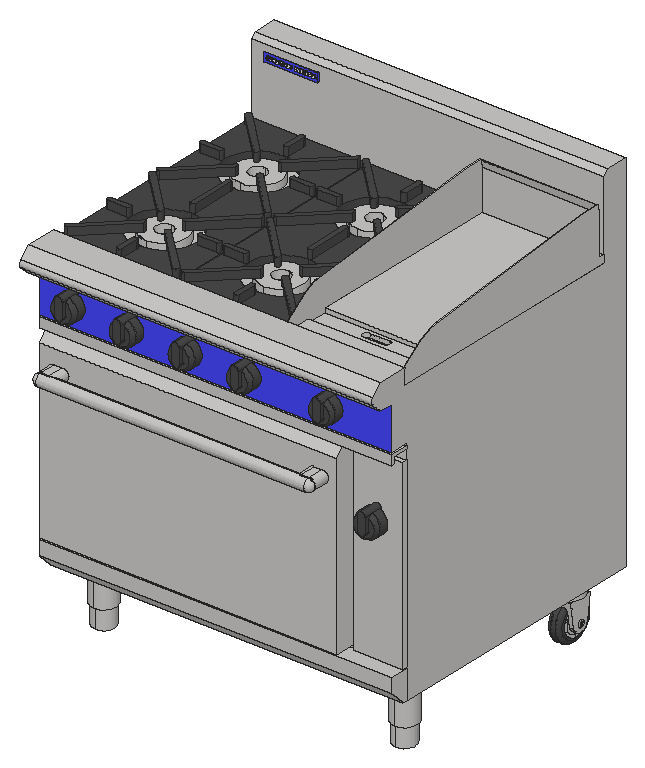
Revit family "QF_MOFFAT_BLUESEAL_CE_G56C", category Specialty Equipment, Revit 2012
Parameters
  Width = 900 mm  # constant formula
  Weight in Pounds = 467
  Watts = 130 W
  Volts = 230 V
  URL Cutsheet = "www.moffat.com"
  URL = "www.moffat.com"
  Type Mark [instance] = ""
  Status [instance] = ""
  Specification by User [instance] = ""
  Specification by Manufacturer = ""
  Show Logo [instance] = yes
  Show Clearance [instance] = yes
  Show Casters [instance] = yes
  Serial Number = ""
  Seismic Rating = ""
  SMACNA No = ""
  Revision Code [instance] = ""
  Phase = 1
  Omniclass Number and Title = ""
  Number of Poles [instance] = 1
  NAFEM Spec ID Number = ""
  Model = "G56C"
  Min Ckt Ampacity = 0 A
  Mechanical Remarks = ""
  Mechanical Connection Type [instance] = ""
  Max Overcurrent Protection = 0 A
  Masterspec = ""
  Manufacturer = "MOFFAT BLUESEAL"
  Legs [instance] = not(Show Casters)  # no
  Item Number [instance] = ""
  Installed By [instance] = ""
  Identify Quantity as Lot [instance] = yes
  Height = 970 mm  # constant formula
  HP = ""
  Gas Size = 3/4"
  Gas RI Height [instance] = 0 mm
  Gas KW [instance] = 43
  Gas Input [instance] = 146500.0 Btu/h
  Gas Connection Height = 0 mm
  Furnished By [instance] = ""
  Foodservice Equipment Identifier [instance] = yes
  FL Amps = 0.6 A
  Electrical Remarks = ""
  Electric Connection Type = ""
  Elec Conn RI Height = 0 mm
  Elec Conn Connection Height = 0 mm
  Description = "900MM GAS RANGE WITH CONVECTION OVEN"
  Depth = 812 mm  # constant formula
  Cycle = 60 Hz
  Conn Plug = ""
  Conn Conduit = yes
  CSI MasterFormat = ""
  CSI Master Format = ""
  Body Finish = QF_Finishes_Stainless Steel
  Apparent Power = 0 VA
Reference planes
  plane 1 "BACK": y = 0
  plane 2: z = 0
  plane 3 "LEFT": x = 0
  plane 4 "RIGHT": x = 900
  plane 5 "FRONT": y = -812
  plane 6 "TOP": z = 970
  plane 7 "Center Y": x = 450
  plane 8 "Center X": y = -406
  plane 9: x = 280
  plane 10: y = -574.272
  plane 11: x = 60
  plane 12: y = -304.972
  plane 13: y = -364.972
  plane 14: x = 74
  plane 15: y = -812
  plane 16: x = 834.5
  plane 17: y = -32
  plane 18: z = 655
  plane 19: y = -100
  plane 20: z = 1085
  plane 21: y = -705
  plane 22: x = 65.8
  plane 23: x = 534.2
Forms (mm)
  Extrusion 1, solid, material "QF_Finishes_Stainless Steel" <- "Body Finish"
    sketch origin (0, 0, 0) x (0, 1, 0) y (0, 0, 1)
      loop
        line (0, 150) -> (0, 1085) -> (-57.5, 1085) -> (-70, 1072.5) -> (-70, 875) -> (-705, 875) -> (-705, 915) -> (-783.97, 915) -> (-808.476, 890.494)
        arc (-808.476, 890.494) -> (-811.994, 882) -> (-808.476, 873.506) r 12.013
        line (-808.476, 873.506) -> (-784.97, 850) -> (-749, 850) -> (-749, 740) -> (-699, 740) -> (-699, 150) -> (0, 150)
    from 0 to 900
  Extrusion 2, solid, material "QF_Finishes_Stainless Steel"
    sketch origin (0, 7, 0) x (0, 1, 0) y (0, 0, 1)
      loop
        line (-706, 700) -> (-732, 700) -> (-756, 676) -> (-756, 227.5) -> (-706, 227.5) -> (-706, 700)
    from 0 to 760
  Extrusion 3, solid, material "QF_Finishes_Stainless Steel"
    sketch origin (723.5, 7, 0) x (0, 1, 0) y (0, 0, 1)
      loop
        line (-706, 700) -> (-721, 700) -> (-721, 227.5) -> (-706, 227.5) -> (-706, 700)
    from 51.5 to 176.5
  Revolve 4, solid, material "QF_Finishes_Stainless Steel" <- "Body Finish"
    sketch origin (834.5, -696.126, 0) x (0, 1, 0) y (0, 0, -1)
      loop
        line (39.376, -150) -> (71.126, -150) -> (71.126, 0) -> (43.626, 0) -> (43.626, -50) -> (39.376, -50) -> (39.376, -150)
      axis (71.126, -150) -> (71.126, 0)
    angle from 0 to 360
  Revolve 5, solid, material "QF_Finishes_Stainless Steel" <- "Body Finish"
    sketch origin (65.5, -696.126, 0) x (0, 1, 0) y (0, 0, 1)
      loop
        line (39.376, 150) -> (39.376, 50) -> (43.626, 50) -> (43.626, 0) -> (71.126, 0) -> (71.126, 150) -> (39.376, 150)
      axis (71.126, 150) -> (71.126, 0)
    angle from 0 to 360
  Extrusion 6, solid, material "QF_Finishes_Stainless Steel"
    sketch origin (-64.5, 0, 325) x (1, 0, 0) y (0, 1, 0)
      loop
        circle (834.5, -32) r 10
    from 330 to 371
  Revolve 7, solid, material "QF_Finishes_Black"
    sketch origin (750, 45.874, -0.118) x (0, 1, 0) y (0, 0, 1)
      loop
        line (-827.874, 829.5) -> (-838.874, 823.651) -> (-838.874, 797) -> (-794.874, 797) -> (-794.874, 802) -> (-804.874, 802) -> (-804.874, 829.5) -> (-827.874, 829.5)
      axis (-838.874, 797) -> (-794.874, 797)
    angle from 0 to 360
  Revolve 8, solid, material "QF_Finishes_Black"
    sketch origin (90.649, 45.874, -0.118) x (0, 1, 0) y (0, 0, -1)
      loop
        line (-827.874, -829.5) -> (-804.874, -829.5) -> (-804.874, -802) -> (-794.874, -802) -> (-794.874, -797) -> (-838.874, -797) -> (-838.874, -823.651) -> (-827.874, -829.5)
      axis (-838.874, -797) -> (-794.874, -797)
    angle from 0 to 360
  Revolve 9, solid, material "QF_Finishes_Black"
    sketch origin (240.649, 45.874, -0.118) x (0, 1, 0) y (0, 0, -1)
      loop
        line (-827.874, -829.5) -> (-804.874, -829.5) -> (-804.874, -802) -> (-794.874, -802) -> (-794.874, -797) -> (-838.874, -797) -> (-838.874, -823.651) -> (-827.874, -829.5)
      axis (-838.874, -797) -> (-794.874, -797)
    angle from 0 to 360
  Revolve 10, solid, material "QF_Finishes_Black"
    sketch origin (390.625, 45.874, -0.118) x (0, 1, 0) y (0, 0, -1)
      loop
        line (-827.874, -829.5) -> (-804.874, -829.5) -> (-804.874, -802) -> (-794.874, -802) -> (-794.874, -797) -> (-838.874, -797) -> (-838.874, -823.651) -> (-827.874, -829.5)
      axis (-838.874, -797) -> (-794.874, -797)
    angle from 0 to 360
  Extrusion 11, solid, material "QF_Finishes_Black"
    sketch origin (238.456, 7, -0.118) x (-1, 0, 0) y (0, 0, -1)
      loop
        arc (158.3, -789) -> (148.3, -779) -> (138.3, -789) r 10
        line (138.3, -789) -> (138.3, -824)
        arc (138.3, -824) -> (148.3, -834) -> (158.3, -824) r 10
        line (158.3, -824) -> (158.3, -789)
    from 759 to 808
  Extrusion 12, solid, material "QF_Finishes_Black"
    sketch origin (388.456, 7, -0.118) x (-1, 0, 0) y (0, 0, -1)
      loop
        arc (158.3, -789) -> (148.3, -779) -> (138.3, -789) r 10
        line (138.3, -789) -> (138.3, -824)
        arc (138.3, -824) -> (148.3, -834) -> (158.3, -824) r 10
        line (158.3, -824) -> (158.3, -789)
    from 759 to 808
  Extrusion 13, solid, material "QF_Finishes_Black"
    sketch origin (602.193, 7, -0.118) x (1, 0, 0) y (0, 0, 1)
      loop
        line (158.3, 789) -> (158.3, 824)
        arc (158.3, 824) -> (148.3, 834) -> (138.3, 824) r 10
        line (138.3, 824) -> (138.3, 789)
        arc (138.3, 789) -> (148.3, 779) -> (158.3, 789) r 10
    from 759 to 808
  Extrusion 14, solid, material "QF_Finishes_Black"
    sketch origin (538.432, 7, -0.118) x (-1, 0, 0) y (0, 0, -1)
      loop
        arc (158.3, -789) -> (148.3, -779) -> (138.3, -789) r 10
        line (138.3, -789) -> (138.3, -824)
        arc (138.3, -824) -> (148.3, -834) -> (158.3, -824) r 10
        line (158.3, -824) -> (158.3, -789)
    from 759 to 808
  Extrusion 15, solid, material "QF_Finishes_Black"
    sketch origin (688.432, 7, -0.118) x (-1, 0, 0) y (0, 0, -1)
      loop
        arc (158.3, -789) -> (148.3, -779) -> (138.3, -789) r 10
        line (138.3, -789) -> (138.3, -824)
        arc (138.3, -824) -> (148.3, -834) -> (158.3, -824) r 10
        line (158.3, -824) -> (158.3, -789)
    from 759 to 808
  Revolve 16, solid, material "QF_Finishes_Black"
    sketch origin (836.851, 80.874, -245.743) x (0, 1, 0) y (0, 0, 1)
      loop
        line (-827.874, 829.5) -> (-838.874, 823.651) -> (-838.874, 797) -> (-794.874, 797) -> (-794.874, 802) -> (-804.874, 802) -> (-804.874, 829.5) -> (-827.874, 829.5)
      axis (-838.874, 797) -> (-794.874, 797)
    angle from 0 to 360
  Extrusion 17, solid, material "QF_Finishes_Black"
    sketch origin (689.044, 42, -245.743) x (1, 0, 0) y (0, 0, 1)
      loop
        line (158.3, 789) -> (158.3, 824)
        arc (158.3, 824) -> (148.3, 834) -> (138.3, 824) r 10
        line (138.3, 824) -> (138.3, 789)
        arc (138.3, 789) -> (148.3, 779) -> (158.3, 789) r 10
    from 759 to 808
  Extrusion 18, solid, material "QF_Door-Drawer Clearances", visible <- "Show Clearance", detail levels coarse
    sketch origin (0, 7, 0) x (0, -1, 0) y (0, 0, 1)
      loop
        line (756, 697.347) -> (756, 227.5) -> (1225.847, 227.5)
        arc (1225.847, 227.5) -> (1088.232, 559.732) -> (756, 697.347) r 469.847
    from 0 to -760
  Extrusion 19, void
    sketch origin (0, 0, 220) x (1, 0, 0) y (0, 1, 0)
      loop
        line (824, -87) -> (824, 0) -> (694, 0) -> (694, -39) -> (744, -87) -> (824, -87)
    from 0 to 476
  Revolve 20, solid, material "QF_Finishes_Black"
    sketch origin (540.625, 45.874, -0.118) x (0, 1, 0) y (0, 0, -1)
      loop
        line (-827.874, -829.5) -> (-804.874, -829.5) -> (-804.874, -802) -> (-794.874, -802) -> (-794.874, -797) -> (-838.874, -797) -> (-838.874, -823.651) -> (-827.874, -829.5)
      axis (-838.874, -797) -> (-794.874, -797)
    angle from 0 to 360
  Extrusion 21, solid, material "QF_Finishes_Stainless Steel"
    sketch origin (0, -749, 227.5) x (0, 0, 1) y (-1, 0, 0)
      loop
        line (380.625, -38.246) -> (380.625, -58.528)
        arc (380.625, -58.528) -> (395.625, -73.528) -> (410.625, -58.528) r 15
        line (410.625, -58.528) -> (410.625, -38.246)
        arc (410.625, -38.246) -> (395.625, -23.246) -> (380.625, -38.246) r 15
      loop
        arc (380.625, -723.039) -> (395.625, -738.039) -> (410.625, -723.039) r 15
        line (410.625, -723.039) -> (410.625, -702.757)
        arc (410.625, -702.757) -> (395.625, -687.757) -> (380.625, -702.757) r 15
        line (380.625, -702.757) -> (380.625, -723.039)
    from 0 to 44
  Revolve 22, solid, material "QF_Finishes_Stainless Steel"
    sketch origin (0, -793, 0) x (1, 0, 0) y (0, 0, 1)
      loop
        arc (738.039, 623.125) -> (733.646, 633.732) -> (723.039, 638.125) r 15
        line (723.039, 638.125) -> (38.246, 638.125)
        arc (38.246, 638.125) -> (27.64, 633.732) -> (23.246, 623.125) r 15
        line (23.246, 623.125) -> (738.039, 623.125)
      axis (738.039, 623.125) -> (23.246, 623.125)
    angle from 0 to 360
  Extrusion 23, solid, material "QF_Finishes_Stainless Steel" <- "Body Finish"
    sketch origin (0, 7, 0) x (0, 1, 0) y (0, 0, 1)
      loop
        line (-756, 710) -> (-747.224, 710) -> (-749.613, 726.999) -> (-707.93, 726.999) -> (-707.93, 734.003) -> (-756, 734.003) -> (-756, 710)
    from 0 to 900
  Extrusion 24, solid, material "QF_Finishes_Stainless Steel" <- "Body Finish"
    sketch origin (0, 4.73, 0) x (0, 1, 0) y (0, 0, 1)
      loop
        line (-753.73, 222.5) -> (-753.73, 186) -> (-717.73, 150) -> (-703.73, 150) -> (-703.73, 222.5) -> (-753.73, 222.5)
    from 0 to 900
  Extrusion 25, solid, material "QF_Finishes_Stainless Steel", visible <- "Show Casters"
    sketch origin (71.501, 133.353, -8.783) x (0, 1, 0) y (0, 0, 1)
      loop
        line (-201.603, 118.783) -> (-265.103, 118.783) -> (-252.746, 53.895)
        arc (-252.746, 53.895) -> (-233.353, 38.783) -> (-213.959, 53.895) r 20
        line (-213.959, 53.895) -> (-201.603, 118.783)
    from -35.667 to 22.923
  Revolve 26, solid, material "QF_Finishes_Stainless Steel", visible <- "Show Casters"
    sketch origin (65, -203, 0) x (0, 1, 0) y (0, 0, 1)
      loop
        line (67.25, 150) -> (67.25, 110) -> (103, 110) -> (103, 150) -> (67.25, 150)
      axis (103, 150) -> (103, 110)
    angle from 0 to 360
  Revolve 27, solid, material "QF_Finishes_Stainless Steel", visible <- "Show Casters"
    sketch origin (834.5, -203, 0) x (0, 1, 0) y (0, 0, -1)
      loop
        line (67.25, -150) -> (103, -150) -> (103, -110) -> (67.25, -110) -> (67.25, -150)
      axis (103, -150) -> (103, -110)
    angle from 0 to 360
  Revolve 28, solid, material "QF_Finishes_Stainless Steel", visible <- "Show Casters"
    sketch origin (785.276, -99.755, -13.653) x (1, 0, 0) y (0, 0, 1)
      loop
        line (14.841, 64.453) -> (83.584, 64.453) -> (83.584, 67.958) -> (82.314, 69.228) -> (80.79, 69.228) -> (80.79, 72.674) -> (68.644, 72.674) -> (68.644, 82.639) -> (65.088, 84.692) -> (63.738, 93.028) -> (65.881, 93.028) -> (65.881, 99.378) -> (65.088, 99.378) -> (65.088, 105.728)
        arc (65.088, 105.728) -> (62.298, 112.463) -> (55.563, 115.253) r 9.525
        line (55.563, 115.253) -> (42.863, 115.253)
        arc (42.863, 115.253) -> (36.127, 112.463) -> (33.338, 105.728) r 9.525
        line (33.338, 105.728) -> (33.338, 99.378) -> (32.544, 99.378) -> (32.544, 93.028) -> (34.687, 93.028) -> (33.352, 84.781) -> (29.782, 82.719) -> (29.782, 72.674) -> (17.635, 72.674) -> (17.635, 69.228) -> (16.111, 69.228) -> (14.841, 67.958) -> (14.841, 64.453)
      axis (14.841, 64.453) -> (83.584, 64.453)
    angle from 0 to 360
  Extrusion 29, solid, material "QF_Finishes_Stainless Steel", visible <- "Show Casters"
    sketch origin (841.001, 133.353, -8.783) x (0, 1, 0) y (0, 0, 1)
      loop
        line (-201.603, 118.783) -> (-265.103, 118.783) -> (-252.746, 53.895)
        arc (-252.746, 53.895) -> (-233.353, 38.783) -> (-213.959, 53.895) r 20
        line (-213.959, 53.895) -> (-201.603, 118.783)
    from -35.667 to 22.923
  Revolve 30, solid, material "QF_Finishes_Stainless Steel", visible <- "Legs"
    sketch origin (65, -165, 0) x (0, 1, 0) y (0, 0, 1)
      loop
        line (33.25, 150) -> (33.25, 50) -> (37.5, 50) -> (37.5, 0) -> (65, 0) -> (65, 150) -> (33.25, 150)
      axis (65, 150) -> (65, 0)
    angle from 0 to 360
  Revolve 31, solid, material "QF_Finishes_Stainless Steel", visible <- "Legs"
    sketch origin (834.5, -165, 0) x (0, 1, 0) y (0, 0, -1)
      loop
        line (33.25, -150) -> (65, -150) -> (65, 0) -> (37.5, 0) -> (37.5, -50) -> (33.25, -50) -> (33.25, -150)
      axis (65, -150) -> (65, 0)
    angle from 0 to 360
  Revolve 32, solid, material "QF_Finishes_Stainless Steel", visible <- "Show Casters"
    sketch origin (114.224, -99.755, -13.653) x (-1, 0, 0) y (0, 0, -1)
      loop
        line (14.841, -64.453) -> (14.841, -67.958) -> (16.111, -69.228) -> (17.635, -69.228) -> (17.635, -72.674) -> (29.782, -72.674) -> (29.782, -82.719) -> (33.352, -84.781) -> (34.687, -93.028) -> (32.544, -93.028) -> (32.544, -99.378) -> (33.338, -99.378) -> (33.338, -105.728)
        arc (33.338, -105.728) -> (36.127, -112.463) -> (42.863, -115.253) r 9.525
        line (42.863, -115.253) -> (55.563, -115.253)
        arc (55.563, -115.253) -> (62.298, -112.463) -> (65.088, -105.728) r 9.525
        line (65.088, -105.728) -> (65.088, -99.378) -> (65.881, -99.378) -> (65.881, -93.028) -> (63.738, -93.028) -> (65.088, -84.692) -> (68.644, -82.639) -> (68.644, -72.674) -> (80.79, -72.674) -> (80.79, -69.228) -> (82.314, -69.228) -> (83.584, -67.958) -> (83.584, -64.453) -> (14.841, -64.453)
      axis (14.841, -64.453) -> (83.584, -64.453)
    angle from 0 to 360
  Extrusion 33, solid, material "QF_Finishes_Black"
    sketch origin (0, -70, 875) x (0, -1, 0) y (1, 0, 0)
      loop
        arc (1, 4) -> (1.879, 1.879) -> (4, 1) r 3
        line (4, 1) -> (632, 1)
        arc (632, 1) -> (634.121, 1.879) -> (635, 4) r 3
        line (635, 4) -> (635, 297)
        arc (635, 297) -> (634.121, 299.121) -> (632, 300) r 3
        line (632, 300) -> (4, 300)
        arc (4, 300) -> (1.879, 299.121) -> (1, 297) r 3
        line (1, 297) -> (1, 4)
      loop
        circle (167.5, 150) r 85
      loop
        circle (467.768, 150) r 85
    from 0 to 19.5
  Extrusion 34, solid, material "QF_Finishes_Black"
    sketch origin (0, -73.5, 894.5) x (0, -1, 0) y (1, 0, 0)
      loop
        spline (323.602, 15.153) -> (322.681, 13.924) -> (322.131, 12.47) -> (321.99, 10.89) -> (322.267, 9.292) -> (322.943, 7.786) -> (323.973, 6.473) -> (325.286, 5.443) -> (326.792, 4.767) -> (328.39, 4.49) -> (329.97, 4.631) -> (331.424, 5.181) -> (332.653, 6.102)
        line (332.653, 6.102) -> (440.576, 114.025)
        spline (440.576, 114.025) -> (441.337, 115.095) -> (441.738, 116.399) -> (441.751, 117.851) -> (441.375, 119.35) -> (440.637, 120.795) -> (439.586, 122.086) -> (438.295, 123.137) -> (436.85, 123.875) -> (435.351, 124.251) -> (433.899, 124.238) -> (432.595, 123.837) -> (431.525, 123.076)
        line (431.525, 123.076) -> (323.602, 15.153)
      loop
        spline (371.852, 143.6) -> (373.146, 143.818) -> (374.352, 144.457) -> (375.388, 145.475) -> (376.182, 146.8) -> (376.682, 148.344) -> (376.852, 150) -> (376.682, 151.656) -> (376.182, 153.2) -> (375.388, 154.525) -> (374.352, 155.543) -> (373.146, 156.182) -> (371.852, 156.4)
        line (371.852, 156.4) -> (259.398, 156.4)
        spline (259.398, 156.4) -> (258.104, 156.182) -> (256.898, 155.543) -> (255.862, 154.525) -> (255.068, 153.2) -> (254.568, 151.656) -> (254.398, 150) -> (254.568, 148.344) -> (255.068, 146.8) -> (255.862, 145.475) -> (256.898, 144.457) -> (258.104, 143.818) -> (259.398, 143.6)
        line (259.398, 143.6) -> (371.852, 143.6)
      loop
        line (311.398, 15.153) -> (203.475, 123.076)
        spline (203.475, 123.076) -> (202.405, 123.837) -> (201.101, 124.238) -> (199.649, 124.251) -> (198.15, 123.875) -> (196.705, 123.137) -> (195.414, 122.086) -> (194.363, 120.795) -> (193.625, 119.35) -> (193.249, 117.851) -> (193.262, 116.399) -> (193.663, 115.095) -> (194.424, 114.025)
        line (194.424, 114.025) -> (302.347, 6.102)
        spline (302.347, 6.102) -> (303.416, 5.341) -> (304.721, 4.941) -> (306.172, 4.928) -> (307.671, 5.303) -> (309.116, 6.041) -> (310.408, 7.092) -> (311.459, 8.384) -> (312.197, 9.829) -> (312.572, 11.328) -> (312.559, 12.779) -> (312.159, 14.084) -> (311.398, 15.153)
      loop
        line (323.602, 284.847) -> (431.525, 176.924)
        spline (431.525, 176.924) -> (432.595, 176.163) -> (433.899, 175.762) -> (435.351, 175.749) -> (436.85, 176.125) -> (438.295, 176.863) -> (439.586, 177.914) -> (440.637, 179.205) -> (441.375, 180.65) -> (441.751, 182.149) -> (441.738, 183.601) -> (441.337, 184.905) -> (440.576, 185.975)
        line (440.576, 185.975) -> (332.653, 293.898)
        spline (332.653, 293.898) -> (331.424, 294.819) -> (329.97, 295.369) -> (328.39, 295.51) -> (326.792, 295.233) -> (325.286, 294.557) -> (323.973, 293.527) -> (322.943, 292.214) -> (322.267, 290.708) -> (321.99, 289.11) -> (322.131, 287.53) -> (322.681, 286.076) -> (323.602, 284.847)
      loop
        spline (311.398, 284.847) -> (312.159, 285.916) -> (312.559, 287.221) -> (312.572, 288.672) -> (312.197, 290.171) -> (311.459, 291.616) -> (310.408, 292.908) -> (309.116, 293.959) -> (307.671, 294.697) -> (306.172, 295.072) -> (304.721, 295.059) -> (303.416, 294.659) -> (302.347, 293.898)
        line (302.347, 293.898) -> (194.424, 185.975)
        spline (194.424, 185.975) -> (193.663, 184.905) -> (193.262, 183.601) -> (193.249, 182.149) -> (193.625, 180.65) -> (194.363, 179.205) -> (195.414, 177.914) -> (196.705, 176.863) -> (198.15, 176.125) -> (199.649, 175.749) -> (201.101, 175.762) -> (202.405, 176.163) -> (203.475, 176.924)
        line (203.475, 176.924) -> (311.398, 284.847)
      loop
        spline (73.549, 143.6) -> (74.844, 143.818) -> (76.049, 144.457) -> (77.085, 145.475) -> (77.88, 146.8) -> (78.379, 148.344) -> (78.549, 150) -> (78.379, 151.656) -> (77.88, 153.2) -> (77.085, 154.525) -> (76.049, 155.543) -> (74.844, 156.182) -> (73.549, 156.4)
        line (73.549, 156.4) -> (25.093, 156.4)
        spline (25.093, 156.4) -> (23.799, 156.182) -> (22.593, 155.543) -> (21.558, 154.525) -> (20.763, 153.2) -> (20.264, 151.656) -> (20.093, 150) -> (20.264, 148.344) -> (20.763, 146.8) -> (21.558, 145.475) -> (22.593, 144.457) -> (23.799, 143.818) -> (25.093, 143.6)
        line (25.093, 143.6) -> (73.549, 143.6)
      loop
        spline (608.1, 143.6) -> (609.394, 143.818) -> (610.6, 144.457) -> (611.636, 145.475) -> (612.43, 146.8) -> (612.93, 148.344) -> (613.1, 150) -> (612.93, 151.656) -> (612.43, 153.2) -> (611.636, 154.525) -> (610.6, 155.543) -> (609.394, 156.182) -> (608.1, 156.4)
        line (608.1, 156.4) -> (558.644, 156.4)
        spline (558.644, 156.4) -> (557.35, 156.182) -> (556.144, 155.543) -> (555.108, 154.525) -> (554.314, 153.2) -> (553.814, 151.656) -> (553.644, 150) -> (553.814, 148.344) -> (554.314, 146.8) -> (555.108, 145.475) -> (556.144, 144.457) -> (557.35, 143.818) -> (558.644, 143.6)
        line (558.644, 143.6) -> (608.1, 143.6)
      loop
        spline (457.6, 10.156) -> (457.818, 8.862) -> (458.457, 7.656) -> (459.475, 6.62) -> (460.8, 5.826) -> (462.344, 5.326) -> (464, 5.156) -> (465.656, 5.326) -> (467.2, 5.826) -> (468.525, 6.62) -> (469.543, 7.656) -> (470.182, 8.862) -> (470.4, 10.156)
        line (470.4, 10.156) -> (470.4, 58.612)
        spline (470.4, 58.612) -> (470.182, 59.906) -> (469.543, 61.112) -> (468.525, 62.148) -> (467.2, 62.942) -> (465.656, 63.442) -> (464, 63.612) -> (462.344, 63.442) -> (460.8, 62.942) -> (459.475, 62.148) -> (458.457, 61.112) -> (457.818, 59.906) -> (457.6, 58.612)
        line (457.6, 58.612) -> (457.6, 10.156)
      loop
        spline (160.966, 10.156) -> (161.184, 8.862) -> (161.823, 7.656) -> (162.841, 6.62) -> (164.166, 5.826) -> (165.71, 5.326) -> (167.366, 5.156) -> (169.022, 5.326) -> (170.566, 5.826) -> (171.892, 6.62) -> (172.909, 7.656) -> (173.548, 8.862) -> (173.766, 10.156)
        line (173.766, 10.156) -> (173.766, 58.612)
        spline (173.766, 58.612) -> (173.548, 59.906) -> (172.909, 61.112) -> (171.892, 62.148) -> (170.566, 62.942) -> (169.022, 63.442) -> (167.366, 63.612) -> (165.71, 63.442) -> (164.166, 62.942) -> (162.841, 62.148) -> (161.823, 61.112) -> (161.184, 59.906) -> (160.966, 58.612)
        line (160.966, 58.612) -> (160.966, 10.156)
      loop
        spline (457.6, 241.636) -> (457.818, 240.342) -> (458.457, 239.136) -> (459.475, 238.1) -> (460.8, 237.306) -> (462.344, 236.806) -> (464, 236.636) -> (465.656, 236.806) -> (467.2, 237.306) -> (468.525, 238.1) -> (469.543, 239.136) -> (470.182, 240.342) -> (470.4, 241.636)
        line (470.4, 241.636) -> (470.4, 290.092)
        spline (470.4, 290.092) -> (470.182, 291.386) -> (469.543, 292.592) -> (468.525, 293.628) -> (467.2, 294.422) -> (465.656, 294.922) -> (464, 295.092) -> (462.344, 294.922) -> (460.8, 294.422) -> (459.475, 293.628) -> (458.457, 292.592) -> (457.818, 291.386) -> (457.6, 290.092)
        line (457.6, 290.092) -> (457.6, 241.636)
      loop
        spline (160.966, 241.636) -> (161.184, 240.342) -> (161.823, 239.136) -> (162.841, 238.1) -> (164.166, 237.306) -> (165.71, 236.806) -> (167.366, 236.636) -> (169.022, 236.806) -> (170.566, 237.306) -> (171.892, 238.1) -> (172.909, 239.136) -> (173.548, 240.342) -> (173.766, 241.636)
        line (173.766, 241.636) -> (173.766, 290.092)
        spline (173.766, 290.092) -> (173.548, 291.386) -> (172.909, 292.592) -> (171.892, 293.628) -> (170.566, 294.422) -> (169.022, 294.922) -> (167.366, 295.092) -> (165.71, 294.922) -> (164.166, 294.422) -> (162.841, 293.628) -> (161.823, 292.592) -> (161.184, 291.386) -> (160.966, 290.092)
        line (160.966, 290.092) -> (160.966, 241.636)
      loop
        line (604.398, 15.153) -> (496.475, 123.076)
        spline (496.475, 123.076) -> (495.405, 123.837) -> (494.101, 124.238) -> (492.649, 124.251) -> (491.15, 123.875) -> (489.705, 123.137) -> (488.414, 122.086) -> (487.363, 120.795) -> (486.625, 119.35) -> (486.249, 117.851) -> (486.262, 116.399) -> (486.663, 115.095) -> (487.424, 114.025)
        line (487.424, 114.025) -> (595.347, 6.102)
        spline (595.347, 6.102) -> (596.576, 5.181) -> (598.03, 4.631) -> (599.61, 4.49) -> (601.208, 4.767) -> (602.714, 5.443) -> (604.027, 6.473) -> (605.057, 7.786) -> (605.733, 9.292) -> (606.01, 10.89) -> (605.869, 12.47) -> (605.319, 13.924) -> (604.398, 15.153)
      loop
        spline (604.398, 284.847) -> (605.319, 286.076) -> (605.869, 287.53) -> (606.01, 289.11) -> (605.733, 290.708) -> (605.057, 292.214) -> (604.027, 293.527) -> (602.714, 294.557) -> (601.208, 295.233) -> (599.61, 295.51) -> (598.03, 295.369) -> (596.576, 294.819) -> (595.347, 293.898)
        line (595.347, 293.898) -> (487.424, 185.975)
        spline (487.424, 185.975) -> (486.663, 184.905) -> (486.262, 183.601) -> (486.249, 182.149) -> (486.625, 180.65) -> (487.363, 179.205) -> (488.414, 177.914) -> (489.705, 176.863) -> (491.15, 176.125) -> (492.649, 175.749) -> (494.101, 175.762) -> (495.405, 176.163) -> (496.475, 176.924)
        line (496.475, 176.924) -> (604.398, 284.847)
      loop
        spline (16.602, 15.153) -> (15.841, 14.084) -> (15.441, 12.779) -> (15.428, 11.328) -> (15.803, 9.829) -> (16.541, 8.384) -> (17.592, 7.092) -> (18.884, 6.041) -> (20.329, 5.303) -> (21.828, 4.928) -> (23.279, 4.941) -> (24.584, 5.341) -> (25.653, 6.102)
        line (25.653, 6.102) -> (133.576, 114.025)
        spline (133.576, 114.025) -> (134.337, 115.095) -> (134.738, 116.399) -> (134.751, 117.851) -> (134.375, 119.35) -> (133.637, 120.795) -> (132.586, 122.086) -> (131.295, 123.137) -> (129.85, 123.875) -> (128.351, 124.251) -> (126.899, 124.238) -> (125.595, 123.837) -> (124.525, 123.076)
        line (124.525, 123.076) -> (16.602, 15.153)
      loop
        line (16.602, 284.847) -> (124.525, 176.924)
        spline (124.525, 176.924) -> (125.595, 176.163) -> (126.899, 175.762) -> (128.351, 175.749) -> (129.85, 176.125) -> (131.295, 176.863) -> (132.586, 177.914) -> (133.637, 179.205) -> (134.375, 180.65) -> (134.751, 182.149) -> (134.738, 183.601) -> (134.337, 184.905) -> (133.576, 185.975)
        line (133.576, 185.975) -> (25.653, 293.898)
        spline (25.653, 293.898) -> (24.584, 294.659) -> (23.279, 295.059) -> (21.828, 295.072) -> (20.329, 294.697) -> (18.884, 293.959) -> (17.592, 292.908) -> (16.541, 291.616) -> (15.803, 290.171) -> (15.428, 288.672) -> (15.441, 287.221) -> (15.841, 285.916) -> (16.602, 284.847)
      loop
        line (323.602, 584.847) -> (431.525, 476.924)
        spline (431.525, 476.924) -> (432.595, 476.163) -> (433.899, 475.762) -> (435.351, 475.749) -> (436.85, 476.125) -> (438.295, 476.863) -> (439.586, 477.914) -> (440.637, 479.205) -> (441.375, 480.65) -> (441.751, 482.149) -> (441.738, 483.601) -> (441.337, 484.905) -> (440.576, 485.975)
        line (440.576, 485.975) -> (332.653, 593.898)
        spline (332.653, 593.898) -> (331.424, 594.819) -> (329.97, 595.369) -> (328.39, 595.51) -> (326.792, 595.233) -> (325.286, 594.557) -> (323.973, 593.527) -> (322.943, 592.214) -> (322.267, 590.708) -> (321.99, 589.11) -> (322.131, 587.53) -> (322.681, 586.076) -> (323.602, 584.847)
      loop
        line (371.852, 456.4) -> (259.398, 456.4)
        spline (259.398, 456.4) -> (258.104, 456.182) -> (256.898, 455.543) -> (255.862, 454.525) -> (255.068, 453.2) -> (254.568, 451.656) -> (254.398, 450) -> (254.568, 448.344) -> (255.068, 446.8) -> (255.862, 445.475) -> (256.898, 444.457) -> (258.104, 443.818) -> (259.398, 443.6)
        line (259.398, 443.6) -> (371.852, 443.6)
        spline (371.852, 443.6) -> (373.146, 443.818) -> (374.352, 444.457) -> (375.388, 445.475) -> (376.182, 446.8) -> (376.682, 448.344) -> (376.852, 450) -> (376.682, 451.656) -> (376.182, 453.2) -> (375.388, 454.525) -> (374.352, 455.543) -> (373.146, 456.182) -> (371.852, 456.4)
      loop
        spline (311.398, 584.847) -> (312.159, 585.916) -> (312.559, 587.221) -> (312.572, 588.672) -> (312.197, 590.171) -> (311.459, 591.616) -> (310.408, 592.908) -> (309.116, 593.959) -> (307.671, 594.697) -> (306.172, 595.072) -> (304.721, 595.059) -> (303.416, 594.659) -> (302.347, 593.898)
        line (302.347, 593.898) -> (194.424, 485.975)
        spline (194.424, 485.975) -> (193.663, 484.905) -> (193.262, 483.601) -> (193.249, 482.149) -> (193.625, 480.65) -> (194.363, 479.205) -> (195.414, 477.914) -> (196.705, 476.863) -> (198.15, 476.125) -> (199.649, 475.749) -> (201.101, 475.762) -> (202.405, 476.163) -> (203.475, 476.924)
        line (203.475, 476.924) -> (311.398, 584.847)
      loop
        spline (323.602, 315.153) -> (322.681, 313.924) -> (322.131, 312.47) -> (321.99, 310.89) -> (322.267, 309.292) -> (322.943, 307.786) -> (323.973, 306.473) -> (325.286, 305.443) -> (326.792, 304.767) -> (328.39, 304.49) -> (329.97, 304.631) -> (331.424, 305.181) -> (332.653, 306.102)
        line (332.653, 306.102) -> (440.576, 414.025)
        spline (440.576, 414.025) -> (441.337, 415.095) -> (441.738, 416.399) -> (441.751, 417.851) -> (441.375, 419.35) -> (440.637, 420.795) -> (439.586, 422.086) -> (438.295, 423.137) -> (436.85, 423.875) -> (435.351, 424.251) -> (433.899, 424.238) -> (432.595, 423.837) -> (431.525, 423.076)
        line (431.525, 423.076) -> (323.602, 315.153)
      loop
        line (311.398, 315.153) -> (203.475, 423.076)
        spline (203.475, 423.076) -> (202.405, 423.837) -> (201.101, 424.238) -> (199.649, 424.251) -> (198.15, 423.875) -> (196.705, 423.137) -> (195.414, 422.086) -> (194.363, 420.795) -> (193.625, 419.35) -> (193.249, 417.851) -> (193.262, 416.399) -> (193.663, 415.095) -> (194.424, 414.025)
        line (194.424, 414.025) -> (302.347, 306.102)
        spline (302.347, 306.102) -> (303.416, 305.341) -> (304.721, 304.941) -> (306.172, 304.928) -> (307.671, 305.303) -> (309.116, 306.041) -> (310.408, 307.092) -> (311.459, 308.384) -> (312.197, 309.829) -> (312.572, 311.328) -> (312.559, 312.779) -> (312.159, 314.084) -> (311.398, 315.153)
      loop
        line (73.549, 456.4) -> (25.093, 456.4)
        spline (25.093, 456.4) -> (23.799, 456.182) -> (22.593, 455.543) -> (21.558, 454.525) -> (20.763, 453.2) -> (20.264, 451.656) -> (20.093, 450) -> (20.264, 448.344) -> (20.763, 446.8) -> (21.558, 445.475) -> (22.593, 444.457) -> (23.799, 443.818) -> (25.093, 443.6)
        line (25.093, 443.6) -> (73.549, 443.6)
        spline (73.549, 443.6) -> (74.844, 443.818) -> (76.049, 444.457) -> (77.085, 445.475) -> (77.88, 446.8) -> (78.379, 448.344) -> (78.549, 450) -> (78.379, 451.656) -> (77.88, 453.2) -> (77.085, 454.525) -> (76.049, 455.543) -> (74.844, 456.182) -> (73.549, 456.4)
      loop
        line (608.1, 456.4) -> (558.644, 456.4)
        spline (558.644, 456.4) -> (557.35, 456.182) -> (556.144, 455.543) -> (555.108, 454.525) -> (554.314, 453.2) -> (553.814, 451.656) -> (553.644, 450) -> (553.814, 448.344) -> (554.314, 446.8) -> (555.108, 445.475) -> (556.144, 444.457) -> (557.35, 443.818) -> (558.644, 443.6)
        line (558.644, 443.6) -> (608.1, 443.6)
        spline (608.1, 443.6) -> (609.394, 443.818) -> (610.6, 444.457) -> (611.636, 445.475) -> (612.43, 446.8) -> (612.93, 448.344) -> (613.1, 450) -> (612.93, 451.656) -> (612.43, 453.2) -> (611.636, 454.525) -> (610.6, 455.543) -> (609.394, 456.182) -> (608.1, 456.4)
      loop
        line (457.6, 589.844) -> (457.6, 541.388)
        spline (457.6, 541.388) -> (457.818, 540.094) -> (458.457, 538.888) -> (459.475, 537.852) -> (460.8, 537.058) -> (462.344, 536.558) -> (464, 536.388) -> (465.656, 536.558) -> (467.2, 537.058) -> (468.525, 537.852) -> (469.543, 538.888) -> (470.182, 540.094) -> (470.4, 541.388)
        line (470.4, 541.388) -> (470.4, 589.844)
        spline (470.4, 589.844) -> (470.182, 591.138) -> (469.543, 592.344) -> (468.525, 593.38) -> (467.2, 594.174) -> (465.656, 594.674) -> (464, 594.844) -> (462.344, 594.674) -> (460.8, 594.174) -> (459.475, 593.38) -> (458.457, 592.344) -> (457.818, 591.138) -> (457.6, 589.844)
      loop
        line (160.966, 589.844) -> (160.966, 541.388)
        spline (160.966, 541.388) -> (161.184, 540.094) -> (161.823, 538.888) -> (162.841, 537.852) -> (164.166, 537.058) -> (165.71, 536.558) -> (167.366, 536.388) -> (169.022, 536.558) -> (170.566, 537.058) -> (171.892, 537.852) -> (172.909, 538.888) -> (173.548, 540.094) -> (173.766, 541.388)
        line (173.766, 541.388) -> (173.766, 589.844)
        spline (173.766, 589.844) -> (173.548, 591.138) -> (172.909, 592.344) -> (171.892, 593.38) -> (170.566, 594.174) -> (169.022, 594.674) -> (167.366, 594.844) -> (165.71, 594.674) -> (164.166, 594.174) -> (162.841, 593.38) -> (161.823, 592.344) -> (161.184, 591.138) -> (160.966, 589.844)
      loop
        line (457.6, 358.364) -> (457.6, 309.908)
        spline (457.6, 309.908) -> (457.818, 308.614) -> (458.457, 307.408) -> (459.475, 306.372) -> (460.8, 305.578) -> (462.344, 305.078) -> (464, 304.908) -> (465.656, 305.078) -> (467.2, 305.578) -> (468.525, 306.372) -> (469.543, 307.408) -> (470.182, 308.614) -> (470.4, 309.908)
        line (470.4, 309.908) -> (470.4, 358.364)
        spline (470.4, 358.364) -> (470.182, 359.658) -> (469.543, 360.864) -> (468.525, 361.9) -> (467.2, 362.694) -> (465.656, 363.194) -> (464, 363.364) -> (462.344, 363.194) -> (460.8, 362.694) -> (459.475, 361.9) -> (458.457, 360.864) -> (457.818, 359.658) -> (457.6, 358.364)
      loop
        line (160.966, 358.364) -> (160.966, 309.908)
        spline (160.966, 309.908) -> (161.184, 308.614) -> (161.823, 307.408) -> (162.841, 306.372) -> (164.166, 305.578) -> (165.71, 305.078) -> (167.366, 304.908) -> (169.022, 305.078) -> (170.566, 305.578) -> (171.892, 306.372) -> (172.909, 307.408) -> (173.548, 308.614) -> (173.766, 309.908)
        line (173.766, 309.908) -> (173.766, 358.364)
        spline (173.766, 358.364) -> (173.548, 359.658) -> (172.909, 360.864) -> (171.892, 361.9) -> (170.566, 362.694) -> (169.022, 363.194) -> (167.366, 363.364) -> (165.71, 363.194) -> (164.166, 362.694) -> (162.841, 361.9) -> (161.823, 360.864) -> (161.184, 359.658) -> (160.966, 358.364)
      loop
        spline (604.398, 584.847) -> (605.319, 586.076) -> (605.869, 587.53) -> (606.01, 589.11) -> (605.733, 590.708) -> (605.057, 592.214) -> (604.027, 593.527) -> (602.714, 594.557) -> (601.208, 595.233) -> (599.61, 595.51) -> (598.03, 595.369) -> (596.576, 594.819) -> (595.347, 593.898)
        line (595.347, 593.898) -> (487.424, 485.975)
        spline (487.424, 485.975) -> (486.663, 484.905) -> (486.262, 483.601) -> (486.249, 482.149) -> (486.625, 480.65) -> (487.363, 479.205) -> (488.414, 477.914) -> (489.705, 476.863) -> (491.15, 476.125) -> (492.649, 475.749) -> (494.101, 475.762) -> (495.405, 476.163) -> (496.475, 476.924)
        line (496.475, 476.924) -> (604.398, 584.847)
      loop
        line (604.398, 315.153) -> (496.475, 423.076)
        spline (496.475, 423.076) -> (495.405, 423.837) -> (494.101, 424.238) -> (492.649, 424.251) -> (491.15, 423.875) -> (489.705, 423.137) -> (488.414, 422.086) -> (487.363, 420.795) -> (486.625, 419.35) -> (486.249, 417.851) -> (486.262, 416.399) -> (486.663, 415.095) -> (487.424, 414.025)
        line (487.424, 414.025) -> (595.347, 306.102)
        spline (595.347, 306.102) -> (596.576, 305.181) -> (598.03, 304.631) -> (599.61, 304.49) -> (601.208, 304.767) -> (602.714, 305.443) -> (604.027, 306.473) -> (605.057, 307.786) -> (605.733, 309.292) -> (606.01, 310.89) -> (605.869, 312.47) -> (605.319, 313.924) -> (604.398, 315.153)
      loop
        line (16.602, 584.847) -> (124.525, 476.924)
        spline (124.525, 476.924) -> (125.595, 476.163) -> (126.899, 475.762) -> (128.351, 475.749) -> (129.85, 476.125) -> (131.295, 476.863) -> (132.586, 477.914) -> (133.637, 479.205) -> (134.375, 480.65) -> (134.751, 482.149) -> (134.738, 483.601) -> (134.337, 484.905) -> (133.576, 485.975)
        line (133.576, 485.975) -> (25.653, 593.898)
        spline (25.653, 593.898) -> (24.584, 594.659) -> (23.279, 595.059) -> (21.828, 595.072) -> (20.329, 594.697) -> (18.884, 593.959) -> (17.592, 592.908) -> (16.541, 591.616) -> (15.803, 590.171) -> (15.428, 588.672) -> (15.441, 587.221) -> (15.841, 585.916) -> (16.602, 584.847)
      loop
        spline (16.602, 315.153) -> (15.841, 314.084) -> (15.441, 312.779) -> (15.428, 311.328) -> (15.803, 309.829) -> (16.541, 308.384) -> (17.592, 307.092) -> (18.884, 306.041) -> (20.329, 305.303) -> (21.828, 304.928) -> (23.279, 304.941) -> (24.584, 305.341) -> (25.653, 306.102)
        line (25.653, 306.102) -> (133.576, 414.025)
        spline (133.576, 414.025) -> (134.337, 415.095) -> (134.738, 416.399) -> (134.751, 417.851) -> (134.375, 419.35) -> (133.637, 420.795) -> (132.586, 422.086) -> (131.295, 423.137) -> (129.85, 423.875) -> (128.351, 424.251) -> (126.899, 424.238) -> (125.595, 423.837) -> (124.525, 423.076)
        line (124.525, 423.076) -> (16.602, 315.153)
    from 0 to 20.5
  Extrusion 35, solid, material "QF_Finishes_Stainless Steel"
    sketch origin (0, -70, 875) x (0, -1, 0) y (1, 0, 0)
      loop
        circle (467.5, 150) r 57
      loop
        circle (167.5, 150) r 57
      loop
        circle (467.5, 150) r 22
      loop
        circle (167.5, 150) r 22
      loop
        circle (467.5, 450) r 57
      loop
        circle (167.5, 450) r 57
      loop
        circle (467.5, 450) r 22
      loop
        circle (167.5, 450) r 22
    from 0 to 19.5
  Extrusion 36, solid, material "QF_Finishes_Black"
    sketch origin (600, -70, 875) x (0, -1, 0) y (1, 0, 0)
      loop
        line (1, -3) -> (1, -297)
        arc (1, -297) -> (1.879, -299.121) -> (4, -300) r 3
        line (4, -300) -> (632, -300)
        arc (632, -300) -> (634.121, -299.121) -> (635, -297) r 3
        line (635, -297) -> (635, -3)
        arc (635, -3) -> (634.121, -0.879) -> (632, 0) r 3
        line (632, 0) -> (4, 0)
        arc (4, 0) -> (1.879, -0.879) -> (1, -3) r 3
      loop
        circle (167.5, -150) r 85
      loop
        circle (467.768, -150) r 85
    from 0 to 19.5
  Extrusion 37, solid, material "QF_Finishes_Stainless Steel"
    sketch origin (0, 0, 0) x (1, 0, 0) y (0, 1, 0)
      loop
        circle (826, -501) r 6.35
    from 150 to 147.817
Cuts and joins
  Extrusion 19 cuts Extrusion 1
Lines and regions (mm)
  Split face 1
    outline origin (900, 0, 1085) x (-1, 0, 0) y (0, -1, 0)
      loop
        arc (867.206, 18.385) -> (875.866, 23.385) -> (875.866, 33.385) r 10
        line (875.866, 33.385) -> (871.824, 40.385)
        arc (871.824, 40.385) -> (868.164, 44.045) -> (863.164, 45.385) r 10
        line (863.164, 45.385) -> (635.206, 45.385)
        arc (635.206, 45.385) -> (626.545, 40.385) -> (626.545, 30.385) r 10
        line (626.545, 30.385) -> (630.587, 23.385)
        arc (630.587, 23.385) -> (634.247, 19.725) -> (639.247, 18.385) r 10
        line (639.247, 18.385) -> (867.206, 18.385)
  Split face 2
    outline origin (900, 0, 1085) x (-1, 0, 0) y (0, -1, 0)
      loop
        arc (567.206, 18.385) -> (575.866, 23.385) -> (575.866, 33.385) r 10
        line (575.866, 33.385) -> (571.824, 40.385)
        arc (571.824, 40.385) -> (568.164, 44.045) -> (563.164, 45.385) r 10
        line (563.164, 45.385) -> (335.206, 45.385)
        arc (335.206, 45.385) -> (326.545, 40.385) -> (326.545, 30.385) r 10
        line (326.545, 30.385) -> (330.587, 23.385)
        arc (330.587, 23.385) -> (334.247, 19.725) -> (339.247, 18.385) r 10
        line (339.247, 18.385) -> (567.206, 18.385)
  Split face 3
    outline origin (900, 0, 1085) x (-1, 0, 0) y (0, -1, 0)
      loop
        arc (35.206, 45.385) -> (26.545, 40.385) -> (26.545, 30.385) r 10
        line (26.545, 30.385) -> (30.587, 23.385)
        arc (30.587, 23.385) -> (34.247, 19.725) -> (39.247, 18.385) r 10
        line (39.247, 18.385) -> (267.206, 18.385)
        arc (267.206, 18.385) -> (275.866, 23.385) -> (275.866, 33.385) r 10
        line (275.866, 33.385) -> (271.824, 40.385)
        arc (271.824, 40.385) -> (268.164, 44.045) -> (263.164, 45.385) r 10
        line (263.164, 45.385) -> (35.206, 45.385)
  symbolic lines
    curve 1: line (0, 0, 0) -> (0, -812, 0)
    curve 2: line (900, 0, 0) -> (0, 0, 0)
    curve 3: line (900, -812, 0) -> (900, 0, 0)
    curve 4: line (0, -70, 0) -> (900, -70, 0)
    curve 5: line (900, -812, 0) -> (0, -812, 0)
    curve 6: line (900, -705, 0) -> (0, -705, 0)
    curve 7: line (0, -701.7, 0) -> (900, -701.7, 0)
    curve 8: line (900, -72.734, 0) -> (0, -72.734, 0)
    curve 9: arc (22.65, -812, 0) -> (34.104, -822.278, 0) -> (48.889, -826.544, 0) r 34.455
    curve 10: line (48.889, -826.544, 0) -> (721.858, -826.544, 0)
    curve 11: arc (721.858, -826.544, 0) -> (736.403, -822.647, 0) -> (747.05, -812, 0) r 29.089
    curve 15: line (300, -72.734, 0) -> (300, -701.7, 0)
    curve 16: line (600, -72.734, 0) -> (600, -701.7, 0)
    curve 17: line (0, -391, 0) -> (601.417, -391, 0)
    curve 18: line (149.988, -331.778, 0) -> (149.988, -448.358, 0)
    curve 19: line (150.034, -681.268, 0) -> (150.034, -628.558, 0)
    curve 20: line (9.26, -537.634, 0) -> (59.26, -537.634, 0)
    curve 21: line (178.593, -512.407, 0) -> (291.73, -399.27, 0)
    curve 22: line (291.767, -537.634, 0) -> (240.041, -537.634, 0)
    curve 23: arc (150, -480.5, 150) -> (207, -537.5, 150) -> (150, -594.5, 150) r 57
    curve 24: arc (150, -594.5, 150) -> (93, -537.5, 150) -> (150, -480.5, 150) r 57
    curve 25: arc (150, -622.768, 150) -> (235, -537.768, 150) -> (150, -452.768, 150) r 85
    curve 26: arc (150, -452.768, 150) -> (65, -537.768, 150) -> (150, -622.768, 150) r 85
    curve 27: arc (150, -515.5, 150) -> (128, -537.5, 150) -> (150, -559.5, 150) r 22
    curve 28: arc (150, -559.5, 150) -> (172, -537.5, 150) -> (150, -515.5, 150) r 22
    curve 29: line (121.407, -512.407, 0) -> (8.27, -399.27, 0)
    curve 30: line (178.593, -562.593, 0) -> (291.73, -675.73, 0)
    curve 31: line (121.407, -562.593, 0) -> (8.27, -675.73, 0)
    curve 32: line (150.034, -96.281, 0) -> (150.034, -149.16, 0)
    curve 33: line (178.593, -269.593, 0) -> (291.73, -382.73, 0)
    curve 34: line (121.407, -269.593, 0) -> (8.27, -382.73, 0)
    curve 35: line (9.26, -241, 0) -> (59.26, -241, 0)
    curve 36: line (291.767, -241, 0) -> (240.041, -241, 0)
    curve 37: arc (150, -322.5, 150) -> (235, -237.5, 150) -> (150, -152.5, 150) r 85
    curve 38: arc (150, -152.5, 150) -> (65, -237.5, 150) -> (150, -322.5, 150) r 85
    curve 39: arc (150, -180.5, 150) -> (207, -237.5, 150) -> (150, -294.5, 150) r 57
    curve 40: arc (150, -294.5, 150) -> (93, -237.5, 150) -> (150, -180.5, 150) r 57
    curve 41: arc (150, -259.5, 150) -> (172, -237.5, 150) -> (150, -215.5, 150) r 22
    curve 42: arc (150, -215.5, 150) -> (128, -237.5, 150) -> (150, -259.5, 150) r 22
    curve 43: line (178.593, -205.407, 0) -> (291.73, -92.27, 0)
    curve 44: line (121.407, -205.407, 0) -> (8.27, -92.27, 0)
    curve 45: arc (450, -480.5, 150) -> (507, -537.5, 150) -> (450, -594.5, 150) r 57
    curve 46: arc (450, -594.5, 150) -> (393, -537.5, 150) -> (450, -480.5, 150) r 57
    curve 47: arc (450, -515.5, 150) -> (428, -537.5, 150) -> (450, -559.5, 150) r 22
    curve 48: arc (450, -559.5, 150) -> (472, -537.5, 150) -> (450, -515.5, 150) r 22
    curve 49: arc (450, -622.768, 150) -> (365, -537.768, 150) -> (450, -452.768, 150) r 85
    curve 50: arc (450, -452.768, 150) -> (535, -537.768, 150) -> (450, -622.768, 150) r 85
    curve 51: arc (450, -322.5, 150) -> (365, -237.5, 150) -> (450, -152.5, 150) r 85
    curve 52: arc (450, -152.5, 150) -> (535, -237.5, 150) -> (450, -322.5, 150) r 85
    curve 53: arc (450, -180.5, 150) -> (393, -237.5, 150) -> (450, -294.5, 150) r 57
    curve 54: arc (450, -294.5, 150) -> (507, -237.5, 150) -> (450, -180.5, 150) r 57
    curve 55: arc (450, -259.5, 150) -> (428, -237.5, 150) -> (450, -215.5, 150) r 22
    curve 56: arc (450, -215.5, 150) -> (472, -237.5, 150) -> (450, -259.5, 150) r 22
    curve 57: line (449.988, -331.778, 0) -> (449.988, -448.358, 0)
    curve 58: line (450.034, -681.268, 0) -> (450.034, -628.558, 0)
    curve 59: line (309.26, -537.634, 0) -> (359.26, -537.634, 0)
    curve 60: line (478.593, -512.407, 0) -> (591.73, -399.27, 0)
    curve 61: line (591.767, -537.634, 0) -> (540.041, -537.634, 0)
    curve 62: line (421.407, -512.407, 0) -> (308.27, -399.27, 0)
    curve 63: line (478.593, -562.593, 0) -> (591.73, -675.73, 0)
    curve 64: line (421.407, -562.593, 0) -> (308.27, -675.73, 0)
    curve 65: line (450.034, -96.281, 0) -> (450.034, -149.16, 0)
    curve 66: line (478.593, -269.593, 0) -> (591.73, -382.73, 0)
    curve 67: line (421.407, -269.593, 0) -> (308.27, -382.73, 0)
    curve 68: line (309.26, -241, 0) -> (359.26, -241, 0)
    curve 69: line (591.767, -241, 0) -> (540.041, -241, 0)
    curve 70: line (478.593, -205.407, 0) -> (591.73, -92.27, 0)
    curve 71: line (421.407, -205.407, 0) -> (308.27, -92.27, 0)
    curve 72: line (32.794, -18.385, 0) -> (260.753, -18.385, 0)
    curve 73: arc (260.753, -18.385, 0) -> (265.753, -19.725, 0) -> (269.413, -23.385, 0) r 10
    curve 74: line (269.413, -23.385, 0) -> (273.455, -30.385, 0)
    curve 75: arc (273.455, -30.385, 0) -> (273.455, -40.385, 0) -> (264.794, -45.385, 0) r 10
    curve 76: line (264.794, -45.385, 0) -> (36.836, -45.385, 0)
    curve 77: arc (36.836, -45.385, 0) -> (31.836, -44.045, 0) -> (28.176, -40.385, 0) r 10
    curve 78: line (28.176, -40.385, 0) -> (24.134, -33.385, 0)
    curve 79: arc (24.134, -33.385, 0) -> (24.134, -23.385, 0) -> (32.794, -18.385, 0) r 10
    curve 80: line (560.753, -18.385, 0) -> (332.794, -18.385, 0)
    curve 81: arc (332.794, -18.385, 0) -> (324.134, -23.385, 0) -> (324.134, -33.385, 0) r 10
    curve 82: line (324.134, -33.385, 0) -> (328.176, -40.385, 0)
    curve 83: arc (328.176, -40.385, 0) -> (331.836, -44.045, 0) -> (336.836, -45.385, 0) r 10
    curve 84: line (336.836, -45.385, 0) -> (564.794, -45.385, 0)
    curve 85: arc (564.794, -45.385, 0) -> (573.455, -40.385, 0) -> (573.455, -30.385, 0) r 10
    curve 86: line (573.455, -30.385, 0) -> (569.413, -23.385, 0)
    curve 87: arc (569.413, -23.385, 0) -> (565.753, -19.725, 0) -> (560.753, -18.385, 0) r 10
    curve 88: line (632.794, -18.385, 0) -> (860.753, -18.385, 0)
    curve 89: arc (860.753, -18.385, 0) -> (865.753, -19.725, 0) -> (869.413, -23.385, 0) r 10
    curve 90: line (869.413, -23.385, 0) -> (873.455, -30.385, 0)
    curve 91: arc (873.455, -30.385, 0) -> (873.455, -40.385, 0) -> (864.794, -45.385, 0) r 10
    curve 92: line (864.794, -45.385, 0) -> (636.836, -45.385, 0)
    curve 93: arc (636.836, -45.385, 0) -> (631.836, -44.045, 0) -> (628.176, -40.385, 0) r 10
    curve 94: line (628.176, -40.385, 0) -> (624.134, -33.385, 0)
    curve 95: arc (624.134, -33.385, 0) -> (624.134, -23.385, 0) -> (632.794, -18.385, 0) r 10
    curve 96: line (0, -57.5, 0) -> (900, -57.5, 0)
    curve 97: line (0, -783.97, 0) -> (900, -783.97, 0)
  symbolic lines, style "QF_Door-Drawer Clearances", visible <- "Show Clearance"
    curve 12: line (0, -1218.847, 0) -> (0, -812, 0)
    curve 13: line (0, -1218.847, 0) -> (760, -1218.847, 0)
    curve 14: line (760, -1218.847, 0) -> (760, -812, 0)
Dimensions and locks
  equal spacing: plane 3 "LEFT", plane 7 "Center Y", plane 4 "RIGHT"
  "Width": plane 3 "LEFT" to plane 4 "RIGHT"
  equal spacing: plane 5 "FRONT", plane 8 "Center X", plane 1 "BACK"
  plane 5 "FRONT" to plane 1 "BACK" = 812 mm  (x2)
  equal spacing: plane 4 "RIGHT", plane 7 "Center Y", plane 3 "LEFT"
  plane 4 "RIGHT" to plane 3 "LEFT" = 900 mm
  "Height": plane 6 "TOP" to level
  plane 10 to plane 1 "BACK" = 574.272 mm
  plane 12 to plane 1 "BACK" = 304.972 mm  (x2)
  plane 11 to plane 3 "LEFT" = 60 mm
  plane 14 to plane 3 "LEFT" = 74 mm
  plane 9 to plane 3 "LEFT" = 280 mm
  "Depth": plane 1 "BACK" to plane 15
  plane 15 to plane 5 "FRONT" = 0 mm
  plane 6 "TOP" to plane 2 = 970 mm
  plane 2 to Extrusion 1 sketch curve = 875 mm
  locked: plane 2 to Extrusion 1 sketch curve at 915
  Revolve 28 sketch curve to Revolve 28 sketch curve = 50.8 mm
  Revolve 32 sketch curve to Revolve 32 sketch curve = 50.8 mm
  plane 20 to level = 1085 mm
  Extrusion 33 sketch curve to plane 22 = 64.8 mm
  plane 23 to Extrusion 36 sketch curve = 65.8 mm
  Extrusion 37 sketch curve to plane 1 "BACK" = 501 mm
  Extrusion 37 sketch curve to plane 4 "RIGHT" = 74 mm
  aligned and locked: level to plane 2
  aligned and locked: curve 3 to plane 4 "RIGHT"
Automatic sketch dimensions
  Extrusion 1 sketch curve to plane 21 = 0 mm
  Extrusion 1 sketch curve to plane 20 = 0 mm
  Extrusion 1 sketch curve to plane 1 "BACK" = 0 mm
  plane 21 to Extrusion 1 sketch curve = 44 mm
  Extrusion 1 sketch curve to plane 5 "FRONT" = 28.03 mm
  Extrusion 1 sketch curve to plane 5 "FRONT" = 27.03 mm
  Extrusion 1 sketch curve to plane 5 "FRONT" = 12.018 mm
  Extrusion 1 sketch curve to plane 5 "FRONT" = 3.524 mm  (x2)
  Extrusion 1 sketch curve to plane 21 = 6 mm
  Extrusion 1 sketch curve to plane 20 = 12.5 mm
  plane 19 to Extrusion 1 sketch curve = 30 mm
  Extrusion 1 sketch curve to Extrusion 1 sketch curve = 12.5 mm
  Extrusion 1 sketch curve to Extrusion 1 sketch curve = 41.494 mm
  Extrusion 1 sketch curve to Extrusion 1 sketch curve = 25 mm
  plane 18 to Extrusion 1 sketch curve = 85 mm
  level to Extrusion 1 sketch curve = 150 mm
  Extrusion 1 sketch curve to Extrusion 1 sketch curve = 8.494 mm
  plane 21 to Extrusion 2 sketch curve = 20 mm
  Extrusion 2 sketch curve to plane 21 = 6 mm
  level to Extrusion 2 sketch curve = 227.5 mm
  plane 21 to Extrusion 3 sketch curve = 9 mm
  Extrusion 3 sketch curve to plane 21 = 6 mm
  level to Extrusion 3 sketch curve = 227.5 mm
  plane 18 to Extrusion 3 sketch curve = 45 mm
  Revolve 4 sketch curve to level = 0 mm
  Revolve 4 sketch curve to plane 21 = 48.25 mm
  Revolve 4 sketch curve to Revolve 4 sketch curve = 4.25 mm
  Revolve 4 sketch curve to Revolve 4 sketch curve = 27.5 mm  (x2)
  level to Revolve 4 sketch curve = 50 mm
  Revolve 4 sketch curve to Revolve 4 sketch curve = 0 mm
  Revolve 4 sketch curve to Revolve 4 sketch curve = 100 mm
  Revolve 4 sketch curve to Revolve 4 sketch curve = 55 mm
  Revolve 5 sketch curve to level = 0 mm
  Revolve 5 sketch curve to plane 21 = 48.25 mm
  Revolve 5 sketch curve to Revolve 5 sketch curve = 4.25 mm
  Revolve 5 sketch curve to Revolve 5 sketch curve = 27.5 mm  (x2)
  Revolve 5 sketch curve to level = 55 mm
  Revolve 5 sketch curve to Revolve 5 sketch curve = 50 mm
  Revolve 5 sketch curve to Revolve 5 sketch curve = 0 mm
  Revolve 5 sketch curve to Revolve 5 sketch curve = 100 mm
  Extrusion 6 sketch curve to plane 17 = 0 mm
  Extrusion 6 sketch curve to plane 16 = 64.5 mm
  Revolve 7 sketch curve to plane 5 "FRONT" = 19 mm
  Revolve 7 sketch curve to Revolve 7 sketch curve = 0 mm  (x2)
  Revolve 7 sketch curve to Revolve 7 sketch curve = 11 mm
  Revolve 7 sketch curve to Revolve 7 sketch curve = 12.7 mm
  Revolve 7 sketch curve to Revolve 7 sketch curve = 23 mm
  Revolve 7 sketch curve to Revolve 7 sketch curve = 10 mm
  plane 18 to Revolve 7 sketch curve = 141.882 mm
  Revolve 7 sketch curve to Revolve 7 sketch curve = 5 mm
  Revolve 7 sketch curve to Revolve 7 sketch curve = 26.651 mm
  Revolve 7 sketch curve to Revolve 7 sketch curve = 5.849 mm
  Revolve 8 sketch curve to plane 5 "FRONT" = 19 mm
  Revolve 8 sketch curve to Revolve 8 sketch curve = 0 mm  (x2)
  Revolve 8 sketch curve to Revolve 8 sketch curve = 11 mm
  Revolve 8 sketch curve to Revolve 8 sketch curve = 12.7 mm
  Revolve 8 sketch curve to Revolve 8 sketch curve = 23 mm
  Revolve 8 sketch curve to Revolve 8 sketch curve = 10 mm
  Revolve 8 sketch curve to plane 6 "TOP" = 140.618 mm
  Revolve 8 sketch curve to Revolve 8 sketch curve = 5.849 mm
  Revolve 8 sketch curve to Revolve 8 sketch curve = 27.5 mm
  Revolve 8 sketch curve to Revolve 8 sketch curve = 5 mm
  Revolve 9 sketch curve to plane 5 "FRONT" = 19 mm
  Revolve 9 sketch curve to Revolve 9 sketch curve = 0 mm  (x2)
  Revolve 9 sketch curve to Revolve 9 sketch curve = 11 mm
  Revolve 9 sketch curve to Revolve 9 sketch curve = 12.7 mm
  Revolve 9 sketch curve to Revolve 9 sketch curve = 23 mm
  Revolve 9 sketch curve to Revolve 9 sketch curve = 10 mm
  Revolve 9 sketch curve to plane 6 "TOP" = 140.618 mm
  Revolve 9 sketch curve to Revolve 9 sketch curve = 5.849 mm
  Revolve 9 sketch curve to Revolve 9 sketch curve = 27.5 mm
  Revolve 9 sketch curve to Revolve 9 sketch curve = 5 mm
  Revolve 10 sketch curve to plane 5 "FRONT" = 19 mm
  Revolve 10 sketch curve to Revolve 10 sketch curve = 0 mm  (x2)
  Revolve 10 sketch curve to Revolve 10 sketch curve = 11 mm
  Revolve 10 sketch curve to Revolve 10 sketch curve = 12.7 mm
  Revolve 10 sketch curve to Revolve 10 sketch curve = 23 mm
  Revolve 10 sketch curve to Revolve 10 sketch curve = 10 mm
  Revolve 10 sketch curve to plane 6 "TOP" = 140.618 mm
  Revolve 10 sketch curve to Revolve 10 sketch curve = 5.849 mm
  Revolve 10 sketch curve to Revolve 10 sketch curve = 27.5 mm
  Revolve 10 sketch curve to Revolve 10 sketch curve = 5 mm
  plane 14 to Extrusion 11 sketch curve = 26.156 mm
  Extrusion 11 sketch curve to Extrusion 11 sketch curve = 10 mm
  Extrusion 11 sketch curve to plane 6 "TOP" = 146.118 mm
  Extrusion 11 sketch curve to Extrusion 11 sketch curve = 35 mm
  Extrusion 12 sketch curve to plane 9 = 29.844 mm
  Extrusion 12 sketch curve to Extrusion 12 sketch curve = 10 mm
  Extrusion 12 sketch curve to plane 6 "TOP" = 146.118 mm
  Extrusion 12 sketch curve to Extrusion 12 sketch curve = 35 mm
  Extrusion 13 sketch curve to plane 16 = 94.007 mm
  Extrusion 13 sketch curve to plane 16 = 84.007 mm
  plane 18 to Extrusion 13 sketch curve = 133.882 mm
  Extrusion 13 sketch curve to Extrusion 13 sketch curve = 35 mm
  Extrusion 14 sketch curve to plane 7 "Center Y" = 49.868 mm
  Extrusion 14 sketch curve to Extrusion 14 sketch curve = 10 mm
  Extrusion 14 sketch curve to plane 6 "TOP" = 146.118 mm
  Extrusion 14 sketch curve to Extrusion 14 sketch curve = 35 mm
  plane 7 "Center Y" to Extrusion 15 sketch curve = 100.132 mm
  Extrusion 15 sketch curve to Extrusion 15 sketch curve = 10 mm
  Extrusion 15 sketch curve to plane 6 "TOP" = 146.118 mm
  Extrusion 15 sketch curve to Extrusion 15 sketch curve = 35 mm
  Revolve 16 sketch curve to plane 5 "FRONT" = 54 mm
  Revolve 16 sketch curve to Revolve 16 sketch curve = 0 mm  (x2)
  Revolve 16 sketch curve to Revolve 16 sketch curve = 11 mm
  Revolve 16 sketch curve to Revolve 16 sketch curve = 12.7 mm
  plane 21 to Revolve 16 sketch curve = 19 mm
  plane 21 to Revolve 16 sketch curve = 9 mm
  Revolve 16 sketch curve to plane 18 = 103.743 mm
  Revolve 16 sketch curve to Revolve 16 sketch curve = 5 mm
  Revolve 16 sketch curve to Revolve 16 sketch curve = 26.651 mm
  Revolve 16 sketch curve to Revolve 16 sketch curve = 5.849 mm
  Extrusion 17 sketch curve to plane 16 = 7.156 mm
  plane 16 to Extrusion 17 sketch curve = 2.844 mm
  Extrusion 17 sketch curve to plane 18 = 111.743 mm
  Extrusion 17 sketch curve to Extrusion 17 sketch curve = 35 mm
  plane 21 to Extrusion 18 sketch curve = 44 mm
  level to Extrusion 18 sketch curve = 227.5 mm
  plane 5 "FRONT" to Extrusion 18 sketch curve = 406.847 mm
  plane 1 "BACK" to Extrusion 19 sketch curve = 0 mm
  Extrusion 19 sketch curve to plane 17 = 7 mm
  Extrusion 19 sketch curve to plane 16 = 140.5 mm
  plane 19 to Extrusion 19 sketch curve = 13 mm
  Extrusion 19 sketch curve to Extrusion 19 sketch curve = 50 mm
  Extrusion 19 sketch curve to plane 16 = 10.5 mm
  Revolve 20 sketch curve to plane 5 "FRONT" = 19 mm
  Revolve 20 sketch curve to Revolve 20 sketch curve = 0 mm  (x2)
  Revolve 20 sketch curve to Revolve 20 sketch curve = 11 mm
  Revolve 20 sketch curve to Revolve 20 sketch curve = 12.7 mm
  Revolve 20 sketch curve to Revolve 20 sketch curve = 23 mm
  Revolve 20 sketch curve to Revolve 20 sketch curve = 10 mm
  Revolve 20 sketch curve to plane 6 "TOP" = 140.618 mm
  Revolve 20 sketch curve to Revolve 20 sketch curve = 5.849 mm
  Revolve 20 sketch curve to Revolve 20 sketch curve = 27.5 mm
  Revolve 20 sketch curve to Revolve 20 sketch curve = 5 mm
  Extrusion 21 sketch curve to plane 11 = 1.472 mm
  Extrusion 21 sketch curve to plane 18 = 46.875 mm  (x2)
  Extrusion 21 sketch curve to Extrusion 21 sketch curve = 15 mm  (x2)
  Extrusion 21 sketch curve to plane 16 = 131.743 mm
  Extrusion 21 sketch curve to Extrusion 21 sketch curve = 20.282 mm  (x2)
  Revolve 22 sketch curve to plane 3 "LEFT" = 6.961 mm
  plane 3 "LEFT" to Revolve 22 sketch curve = 23.246 mm
  Revolve 22 sketch curve to plane 18 = 16.875 mm
